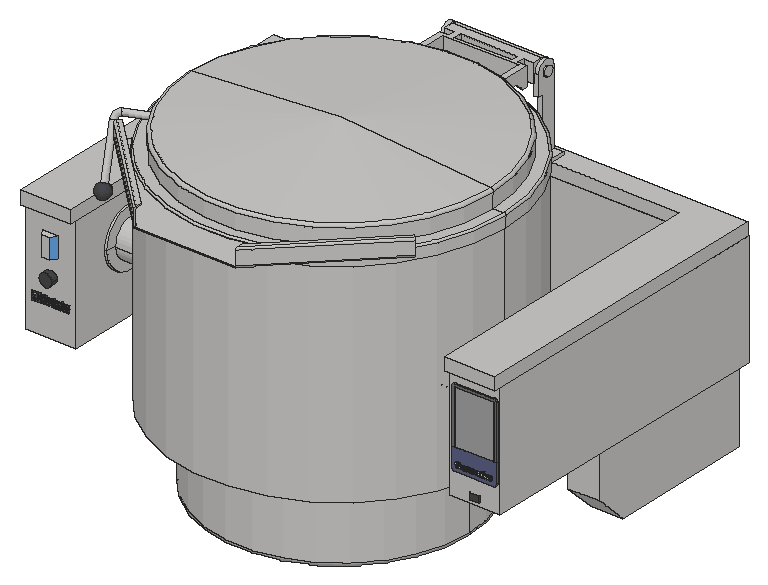
Revit family "QF_ELECTROLUXPROFESSIONAL_586884_PBOT40RWEO", category Attrezzature speciali, Revit 2020 (continued)
Definition of nested family "QF_ELECTROLUXPROFESSIONAL_PBOT1000H400_LEFT"
  Automatic sketch dimensions
    Extrusion 5 sketch curve to Extrusion 5 sketch curve = 0.147 mm
    Extrusion 5 sketch curve to Extrusion 5 sketch curve = 5.696 mm
    Extrusion 5 sketch curve to Extrusion 5 sketch curve = 0.943 mm
    Extrusion 5 sketch curve to Extrusion 5 sketch curve = 0.037 mm  (x2)
    Extrusion 5 sketch curve to plane 8 "TOP" = 305.009 mm
    Extrusion 5 sketch curve to Extrusion 5 sketch curve = 2.122 mm
    Extrusion 5 sketch curve to Extrusion 5 sketch curve = 2.372 mm
    Extrusion 5 sketch curve to Extrusion 5 sketch curve = 0.944 mm
    Extrusion 5 sketch curve to Extrusion 5 sketch curve = 1.799 mm
    Extrusion 5 sketch curve to Extrusion 5 sketch curve = 2.353 mm
    Extrusion 5 sketch curve to Extrusion 5 sketch curve = 6.509 mm
    Extrusion 5 sketch curve to Extrusion 5 sketch curve = 6.836 mm
    Extrusion 5 sketch curve to Extrusion 5 sketch curve = 2.068 mm
    Extrusion 5 sketch curve to Extrusion 5 sketch curve = 5.751 mm
    Extrusion 5 sketch curve to Extrusion 5 sketch curve = 0.679 mm
    Extrusion 5 sketch curve to Extrusion 5 sketch curve = 0.728 mm
    Extrusion 5 sketch curve to Extrusion 5 sketch curve = 0.178 mm
    Extrusion 5 sketch curve to Extrusion 5 sketch curve = 4.332 mm
    Extrusion 5 sketch curve to plane 8 "TOP" = 304.564 mm  (x2)
    Extrusion 5 sketch curve to Extrusion 5 sketch curve = 0.539 mm  (x2)
    Extrusion 5 sketch curve to Extrusion 5 sketch curve = 0.634 mm  (x2)
    Extrusion 5 sketch curve to Extrusion 5 sketch curve = 0.036 mm  (x2)
    Extrusion 5 sketch curve to Extrusion 5 sketch curve = 0.114 mm  (x2)
    Extrusion 5 sketch curve to Extrusion 5 sketch curve = 0.807 mm  (x2)
    Extrusion 5 sketch curve to Extrusion 5 sketch curve = 0.007 mm  (x2)
    Extrusion 5 sketch curve to Extrusion 5 sketch curve = 0.156 mm  (x2)
    Extrusion 5 sketch curve to Extrusion 5 sketch curve = 0.005 mm  (x2)
    Extrusion 5 sketch curve to Extrusion 5 sketch curve = 0.083 mm  (x2)
    Extrusion 5 sketch curve to Extrusion 5 sketch curve = 0.13 mm  (x4)
    Extrusion 5 sketch curve to Extrusion 5 sketch curve = 0.009 mm  (x2)
    Extrusion 5 sketch curve to Extrusion 5 sketch curve = 0.159 mm  (x2)
    Extrusion 5 sketch curve to Extrusion 5 sketch curve = 0.075 mm  (x2)
    Extrusion 5 sketch curve to Extrusion 5 sketch curve = 0.025 mm  (x2)
    Extrusion 5 sketch curve to Extrusion 5 sketch curve = 2.918 mm
    Extrusion 5 sketch curve to Extrusion 5 sketch curve = 2.789 mm
    Extrusion 5 sketch curve to plane 8 "TOP" = 306.37 mm  (x2)
    Extrusion 5 sketch curve to Extrusion 5 sketch curve = 0.908 mm  (x2)
    Extrusion 5 sketch curve to plane 8 "TOP" = 306.755 mm  (x2)
    Extrusion 5 sketch curve to Extrusion 5 sketch curve = 0.826 mm  (x2)
    Extrusion 5 sketch curve to Extrusion 5 sketch curve = 0.126 mm  (x3)
    Extrusion 5 sketch curve to Extrusion 5 sketch curve = 2.333 mm
    Extrusion 5 sketch curve to Extrusion 5 sketch curve = 1.257 mm  (x2)
    Extrusion 5 sketch curve to Extrusion 5 sketch curve = 2.771 mm
    Extrusion 5 sketch curve to Extrusion 5 sketch curve = 1.497 mm
    Extrusion 5 sketch curve to Extrusion 5 sketch curve = 1.979 mm
    Extrusion 5 sketch curve to Extrusion 5 sketch curve = 1.653 mm
    Extrusion 5 sketch curve to Extrusion 5 sketch curve = 0.085 mm
    Extrusion 5 sketch curve to Extrusion 5 sketch curve = 0.315 mm
    Extrusion 5 sketch curve to Extrusion 5 sketch curve = 3.811 mm
    Extrusion 5 sketch curve to Extrusion 5 sketch curve = 2.136 mm  (x2)
    Extrusion 5 sketch curve to Extrusion 5 sketch curve = 2.352 mm  (x2)
    Extrusion 5 sketch curve to plane 8 "TOP" = 289.122 mm
    Extrusion 5 sketch curve to Extrusion 5 sketch curve = 3.797 mm
    Extrusion 5 sketch curve to plane 8 "TOP" = 296.104 mm
    Extrusion 5 sketch curve to Extrusion 5 sketch curve = 1.528 mm
    Extrusion 5 sketch curve to plane 8 "TOP" = 290.598 mm
    Extrusion 5 sketch curve to Extrusion 5 sketch curve = 1.476 mm
    Extrusion 5 sketch curve to plane 8 "TOP" = 294.635 mm
    Extrusion 5 sketch curve to Extrusion 5 sketch curve = 1.469 mm
    Extrusion 5 sketch curve to Extrusion 5 sketch curve = 3.728 mm
    Extrusion 5 sketch curve to Extrusion 5 sketch curve = 0.046 mm
    Extrusion 5 sketch curve to Extrusion 5 sketch curve = 0.177 mm
    Extrusion 5 sketch curve to Extrusion 5 sketch curve = 0.947 mm
    Extrusion 5 sketch curve to Extrusion 5 sketch curve = 0.308 mm
    Extrusion 5 sketch curve to Extrusion 5 sketch curve = 0.091 mm
    Extrusion 5 sketch curve to Extrusion 5 sketch curve = 2.375 mm
    Extrusion 5 sketch curve to Extrusion 5 sketch curve = 0.94 mm
    Extrusion 5 sketch curve to Extrusion 5 sketch curve = 0.54 mm
    Extrusion 5 sketch curve to Extrusion 5 sketch curve = 0.102 mm
    Extrusion 5 sketch curve to Extrusion 5 sketch curve = 0.002 mm  (x4)
    Extrusion 5 sketch curve to Extrusion 5 sketch curve = 0.105 mm
    Extrusion 5 sketch curve to Extrusion 5 sketch curve = 0.097 mm
    Extrusion 5 sketch curve to Extrusion 5 sketch curve = 3.982 mm
    Extrusion 5 sketch curve to Extrusion 5 sketch curve = 0.17 mm
    Extrusion 5 sketch curve to Extrusion 5 sketch curve = 6.49 mm
    Extrusion 5 sketch curve to Extrusion 5 sketch curve = 1.777 mm
    Extrusion 5 sketch curve to plane 8 "TOP" = 296.072 mm
    Extrusion 5 sketch curve to Extrusion 5 sketch curve = 0.63 mm
    Extrusion 5 sketch curve to Extrusion 5 sketch curve = 1.001 mm
    Extrusion 5 sketch curve to plane 8 "TOP" = 294.678 mm
    Extrusion 5 sketch curve to Extrusion 5 sketch curve = 1.393 mm
    Extrusion 5 sketch curve to Extrusion 5 sketch curve = 2.363 mm
    Extrusion 5 sketch curve to Extrusion 5 sketch curve = 2.253 mm
    Extrusion 5 sketch curve to Extrusion 5 sketch curve = 0.014 mm  (x4)
    Extrusion 5 sketch curve to Extrusion 5 sketch curve = 0.172 mm
    Extrusion 5 sketch curve to Extrusion 5 sketch curve = 0.096 mm
    Extrusion 5 sketch curve to Extrusion 5 sketch curve = 0.164 mm
    Extrusion 5 sketch curve to Extrusion 5 sketch curve = 0.298 mm
    Extrusion 5 sketch curve to Extrusion 5 sketch curve = 0.247 mm
    Extrusion 5 sketch curve to Extrusion 5 sketch curve = 0.084 mm
    Extrusion 5 sketch curve to Extrusion 5 sketch curve = 6.484 mm
    Extrusion 5 sketch curve to Extrusion 5 sketch curve = 2.596 mm
    Extrusion 5 sketch curve to Extrusion 5 sketch curve = 0.059 mm  (x2)
    Extrusion 5 sketch curve to Extrusion 5 sketch curve = 3.889 mm
    Extrusion 5 sketch curve to plane 8 "TOP" = 307.979 mm
    Extrusion 5 sketch curve to Extrusion 5 sketch curve = 6.029 mm
    Extrusion 5 sketch curve to plane 8 "TOP" = 305.988 mm
    Extrusion 5 sketch curve to Extrusion 5 sketch curve = 0.929 mm
    Extrusion 5 sketch curve to Extrusion 5 sketch curve = 1.102 mm
    Extrusion 5 sketch curve to Extrusion 5 sketch curve = 0.756 mm  (x2)
    Extrusion 5 sketch curve to plane 8 "TOP" = 306.353 mm
    Extrusion 5 sketch curve to Extrusion 5 sketch curve = 0.852 mm
    Extrusion 5 sketch curve to Extrusion 5 sketch curve = 0.108 mm
    Extrusion 5 sketch curve to Extrusion 5 sketch curve = 0.101 mm
    Extrusion 5 sketch curve to Extrusion 5 sketch curve = 0.072 mm
    Extrusion 5 sketch curve to Extrusion 5 sketch curve = 1.67 mm
    Extrusion 5 sketch curve to Extrusion 5 sketch curve = 1.834 mm
    Extrusion 5 sketch curve to Extrusion 5 sketch curve = 0.366 mm
    Extrusion 5 sketch curve to Extrusion 5 sketch curve = 0.993 mm
    Extrusion 5 sketch curve to Extrusion 5 sketch curve = 0.81 mm
    Extrusion 5 sketch curve to Extrusion 5 sketch curve = 1.026 mm  (x2)
    Extrusion 5 sketch curve to Extrusion 5 sketch curve = 4.272 mm
    Extrusion 5 sketch curve to Extrusion 5 sketch curve = 0.163 mm
    Extrusion 5 sketch curve to Extrusion 5 sketch curve = 0.551 mm
    Extrusion 5 sketch curve to Extrusion 5 sketch curve = 6.11 mm
    Extrusion 5 sketch curve to Extrusion 5 sketch curve = 1.451 mm
    Extrusion 5 sketch curve to Extrusion 5 sketch curve = 5.217 mm
    Extrusion 5 sketch curve to Extrusion 5 sketch curve = 0.045 mm  (x2)
    Extrusion 5 sketch curve to Extrusion 5 sketch curve = 0.241 mm
    Extrusion 5 sketch curve to Extrusion 5 sketch curve = 0.039 mm
    Extrusion 5 sketch curve to Extrusion 5 sketch curve = 1.134 mm
    Extrusion 5 sketch curve to Extrusion 5 sketch curve = 2.351 mm
    Extrusion 5 sketch curve to Extrusion 5 sketch curve = 3.993 mm
    Extrusion 5 sketch curve to Extrusion 5 sketch curve = 10.128 mm
    Extrusion 5 sketch curve to Extrusion 5 sketch curve = 0.956 mm
    Extrusion 5 sketch curve to Extrusion 5 sketch curve = 1.263 mm
    Extrusion 5 sketch curve to Extrusion 5 sketch curve = 2.577 mm
    Extrusion 5 sketch curve to Extrusion 5 sketch curve = 0.243 mm
    Extrusion 5 sketch curve to Extrusion 5 sketch curve = 0.031 mm
    Extrusion 5 sketch curve to Extrusion 5 sketch curve = 7.148 mm
    Extrusion 5 sketch curve to Extrusion 5 sketch curve = 1.502 mm
    Extrusion 5 sketch curve to Extrusion 5 sketch curve = 11.54 mm
    Extrusion 5 sketch curve to Extrusion 5 sketch curve = 11.758 mm
    Extrusion 5 sketch curve to Extrusion 5 sketch curve = 4.097 mm
    Extrusion 5 sketch curve to Extrusion 5 sketch curve = 0.011 mm
    Extrusion 5 sketch curve to Extrusion 5 sketch curve = 4.488 mm
    Extrusion 5 sketch curve to Extrusion 5 sketch curve = 11.908 mm
    Extrusion 5 sketch curve to Extrusion 5 sketch curve = 2.236 mm
    Extrusion 5 sketch curve to Extrusion 5 sketch curve = 0.22 mm
    Extrusion 5 sketch curve to Extrusion 5 sketch curve = 0.319 mm
    Extrusion 5 sketch curve to Extrusion 5 sketch curve = 1.192 mm
    Extrusion 5 sketch curve to Extrusion 5 sketch curve = 3.577 mm  (x2)
    Extrusion 5 sketch curve to Extrusion 5 sketch curve = 3.444 mm  (x2)
    Extrusion 5 sketch curve to Extrusion 5 sketch curve = 1.626 mm  (x2)
    Extrusion 5 sketch curve to Extrusion 5 sketch curve = 2.021 mm
    Extrusion 5 sketch curve to Extrusion 5 sketch curve = 2.967 mm
    Extrusion 5 sketch curve to Extrusion 5 sketch curve = 1.22 mm
    Extrusion 5 sketch curve to Extrusion 5 sketch curve = 3.412 mm
    Extrusion 5 sketch curve to Extrusion 5 sketch curve = 0.892 mm  (x3)
    Extrusion 5 sketch curve to Extrusion 5 sketch curve = 0.58 mm  (x2)
    Extrusion 5 sketch curve to Extrusion 5 sketch curve = 2.117 mm
    Extrusion 5 sketch curve to Extrusion 5 sketch curve = 0.295 mm  (x2)
    Extrusion 5 sketch curve to Extrusion 5 sketch curve = 0.618 mm
    Extrusion 5 sketch curve to Extrusion 5 sketch curve = 1.65 mm
    Extrusion 5 sketch curve to Extrusion 5 sketch curve = 1.662 mm
    Extrusion 5 sketch curve to Extrusion 5 sketch curve = 0.013 mm  (x2)
    Extrusion 5 sketch curve to Extrusion 5 sketch curve = 0.292 mm
    Extrusion 5 sketch curve to Extrusion 5 sketch curve = 0.107 mm  (x2)
    Extrusion 5 sketch curve to Extrusion 5 sketch curve = 0.068 mm  (x2)
    Extrusion 5 sketch curve to Extrusion 5 sketch curve = 2.361 mm
    Extrusion 5 sketch curve to Extrusion 5 sketch curve = 2.359 mm
    Extrusion 5 sketch curve to Extrusion 5 sketch curve = 0.531 mm  (x2)
    Extrusion 5 sketch curve to Extrusion 5 sketch curve = 0.928 mm  (x2)
    Extrusion 5 sketch curve to Extrusion 5 sketch curve = 1.058 mm
    Extrusion 5 sketch curve to Extrusion 5 sketch curve = 0.297 mm  (x2)
    Extrusion 5 sketch curve to Extrusion 5 sketch curve = 0.155 mm  (x2)
    Extrusion 5 sketch curve to Extrusion 5 sketch curve = 0.182 mm  (x2)
    Extrusion 5 sketch curve to Extrusion 5 sketch curve = 0.607 mm  (x2)
    Extrusion 5 sketch curve to Extrusion 5 sketch curve = 0.372 mm  (x2)
    Extrusion 5 sketch curve to Extrusion 5 sketch curve = 0.016 mm  (x2)
    Extrusion 5 sketch curve to Extrusion 5 sketch curve = 0.996 mm
    Extrusion 5 sketch curve to Extrusion 5 sketch curve = 0.93 mm
    Extrusion 5 sketch curve to Extrusion 5 sketch curve = 0.709 mm  (x2)
    Extrusion 5 sketch curve to Extrusion 5 sketch curve = 1.017 mm
    Extrusion 5 sketch curve to Extrusion 5 sketch curve = 4.718 mm
    Extrusion 5 sketch curve to Extrusion 5 sketch curve = 0.891 mm
    Extrusion 5 sketch curve to Extrusion 5 sketch curve = 3.826 mm
    Extrusion 5 sketch curve to Extrusion 5 sketch curve = 0.954 mm
    Extrusion 5 sketch curve to Extrusion 5 sketch curve = 5.576 mm
    Extrusion 5 sketch curve to Extrusion 5 sketch curve = 5.661 mm  (x2)
    Extrusion 5 sketch curve to Extrusion 5 sketch curve = 0.006 mm
    Extrusion 5 sketch curve to Extrusion 5 sketch curve = 2.203 mm
    Extrusion 5 sketch curve to Extrusion 5 sketch curve = 2.21 mm
    Extrusion 5 sketch curve to Extrusion 5 sketch curve = 1.607 mm
    Extrusion 5 sketch curve to Extrusion 5 sketch curve = 3.92 mm
    Extrusion 5 sketch curve to Extrusion 5 sketch curve = 0.05 mm
    Extrusion 5 sketch curve to Extrusion 5 sketch curve = 1.776 mm
    Extrusion 5 sketch curve to Extrusion 5 sketch curve = 4.017 mm
    Extrusion 5 sketch curve to Extrusion 5 sketch curve = 0.196 mm  (x2)
    Extrusion 5 sketch curve to Extrusion 5 sketch curve = 0.19 mm
    Extrusion 5 sketch curve to Extrusion 5 sketch curve = 1.312 mm
    Extrusion 5 sketch curve to Extrusion 5 sketch curve = 0.146 mm
    Extrusion 5 sketch curve to Extrusion 5 sketch curve = 2.831 mm
    Extrusion 5 sketch curve to Extrusion 5 sketch curve = 0.387 mm
    Extrusion 5 sketch curve to Extrusion 5 sketch curve = 0.174 mm
    Extrusion 5 sketch curve to Extrusion 5 sketch curve = 4.623 mm
    Extrusion 5 sketch curve to Extrusion 5 sketch curve = 1.754 mm
    Extrusion 5 sketch curve to Extrusion 5 sketch curve = 0.188 mm
    Extrusion 5 sketch curve to Extrusion 5 sketch curve = 0.02 mm
    Extrusion 5 sketch curve to Extrusion 5 sketch curve = 0.313 mm
    Extrusion 5 sketch curve to Extrusion 5 sketch curve = 0.12 mm
    Extrusion 5 sketch curve to Extrusion 5 sketch curve = 0.062 mm
    Extrusion 5 sketch curve to Extrusion 5 sketch curve = 0.568 mm
    Extrusion 5 sketch curve to Extrusion 5 sketch curve = 0.095 mm
    Extrusion 5 sketch curve to Extrusion 5 sketch curve = 0.357 mm
    Extrusion 5 sketch curve to Extrusion 5 sketch curve = 0.008 mm
    Extrusion 5 sketch curve to Extrusion 5 sketch curve = 0.36 mm
    Extrusion 5 sketch curve to Extrusion 5 sketch curve = 3.784 mm
    Extrusion 5 sketch curve to Extrusion 5 sketch curve = 1.654 mm
    Extrusion 5 sketch curve to Extrusion 5 sketch curve = 1.454 mm
    Extrusion 5 sketch curve to Extrusion 5 sketch curve = 3.429 mm
    Extrusion 5 sketch curve to Extrusion 5 sketch curve = 1.094 mm
    Extrusion 5 sketch curve to Extrusion 5 sketch curve = 2.218 mm
    Extrusion 5 sketch curve to Extrusion 5 sketch curve = 1.404 mm
    Extrusion 5 sketch curve to Extrusion 5 sketch curve = 5.959 mm
    Extrusion 5 sketch curve to Extrusion 5 sketch curve = 1.424 mm
    Extrusion 5 sketch curve to Extrusion 5 sketch curve = 3.23 mm
    Extrusion 5 sketch curve to Extrusion 5 sketch curve = 1.975 mm
    Extrusion 5 sketch curve to Extrusion 5 sketch curve = 3.779 mm
    Extrusion 5 sketch curve to Extrusion 5 sketch curve = 2.212 mm
    Extrusion 5 sketch curve to Extrusion 5 sketch curve = 3.78 mm
    Extrusion 5 sketch curve to Extrusion 5 sketch curve = 1.279 mm
    Extrusion 5 sketch curve to Extrusion 5 sketch curve = 1.343 mm  (x2)
    Extrusion 5 sketch curve to Extrusion 5 sketch curve = 1.353 mm  (x2)
    Extrusion 5 sketch curve to Extrusion 5 sketch curve = 0.027 mm  (x2)
    Extrusion 5 sketch curve to Extrusion 5 sketch curve = 0.395 mm  (x2)
    Extrusion 5 sketch curve to Extrusion 5 sketch curve = 0.329 mm  (x2)
    Extrusion 5 sketch curve to Extrusion 5 sketch curve = 0.425 mm  (x2)
    Extrusion 5 sketch curve to Extrusion 5 sketch curve = 0.051 mm  (x2)
    Extrusion 5 sketch curve to Extrusion 5 sketch curve = 0.495 mm  (x2)
    Extrusion 5 sketch curve to Extrusion 5 sketch curve = 0.267 mm  (x2)
    Extrusion 5 sketch curve to Extrusion 5 sketch curve = 1.4 mm
    Extrusion 5 sketch curve to Extrusion 5 sketch curve = 5.233 mm
    Extrusion 5 sketch curve to Extrusion 5 sketch curve = 2.062 mm
    Extrusion 7 sketch curve to plane 1 "Center (Front/Back)" = 40.0 mm
    Extrusion 7 sketch curve to Extrusion 7 sketch curve = 90.0 mm
    Extrusion 6 sketch curve to plane 11 "HW_CW" = 0.0 mm  (x2)
    Extrusion 6 sketch curve to plane 13 = 0.0 mm
    Extrusion 6 sketch curve to plane 12 = 0.0 mm
    Extrusion 3 sketch curve to plane 14 = 105.0 mm
    plane 17 to Extrusion 8 sketch curve = 0.0 mm  (x2)
    Extrusion 8 sketch curve to plane 19 = 0.0 mm
    Extrusion 8 sketch curve to plane 18 = 0.0 mm
    radius of Extrusion 2 sketch curve = 20.0 mm
    radius of Extrusion 3 sketch curve = 6.35 mm  (x2)
    radius of Extrusion 5 sketch curve = 2.453 mm
    radius of Extrusion 5 sketch curve = 1.557 mm
    radius of Extrusion 5 sketch curve = 1.468 mm
    radius of Extrusion 5 sketch curve = 2.451 mm
    radius of Extrusion 6 sketch curve = 5.0 mm  (x2)
    radius of Extrusion 8 sketch curve = 5.0 mm  (x2)
Definition of nested family "QF_ELECTROLUXPROFESSIONAL_PBOT1000H400_RIGHT"
  Parameters
    Width = 160.0 mm
    Right = Width / 2  # 80.0 mm
    Default Elevation = 0.0 mm
    Left = -Width / 2  # -80.0 mm
    Htop = 40.0 mm
    Height = 900.0 mm
    HBase = 200.0 mm
    EI_z = 450.0 mm
    EI_y = 239.0 mm
    Depth = 1000.0 mm
    BorderFront = 20.0 mm
    Body Finish [instance] = none
  Reference planes
    plane 1 "Center (Front/Back)": y = 0
    plane 2: z = 0
    plane 3 "Center (Left/Right)": x = 0
    plane 4 "LEFT": x = -80
    plane 5 "RIGHT": x = 80
    plane 6 "BACK": y = 500
    plane 7 "FRONT": y = -500
    plane 8 "Base": z = 250
    plane 9 "TOP": z = 900
    plane 10 "BorderFront": y = -480
    plane 11: z = 860
    plane 12 "EI": z = 450
    plane 13: y = 261
    plane 14: z = 500
    plane 15: y = -50
    plane 16: z = 800
    plane 17: z = 525
    plane 18: x = -30
  Forms (mm)
    Extrusion 1, solid
      sketch origin (0, 0, 0) x (1, 0, 0) y (0, 1, 0)
        loop
          line (-80, 500) -> (-80, -480) -> (80, -480) -> (80, 500) -> (-80, 500)
      from 860 to 500
    Extrusion 2, solid
      sketch origin (0, -480, 0) x (-1, 0, 0) y (0, 0, 1)
        loop
          line (59.714, 823.989) -> (-61.821, 823.989)
          arc (-61.821, 823.989) -> (-68.892, 821.06) -> (-71.821, 813.989) r 10
          line (-71.821, 813.989) -> (-71.821, 644.744) -> (-61.821, 644.744) -> (-61.821, 813.989) -> (59.714, 813.989) -> (59.714, 644.744) -> (69.714, 644.744) -> (69.714, 813.989)
          arc (69.714, 813.989) -> (66.786, 821.06) -> (59.714, 823.989) r 10
      from 0 to -3
    Extrusion 3, solid
      sketch origin (0, -480, 0) x (-1, 0, 0) y (0, 0, 1)
        loop
          line (69.714, 585) -> (69.714, 644.744) -> (-71.821, 644.744) -> (-71.821, 585)
          arc (-71.821, 585) -> (-68.892, 577.929) -> (-61.821, 575) r 10
          line (-61.821, 575) -> (59.714, 575)
          arc (59.714, 575) -> (66.786, 577.929) -> (69.714, 585) r 10
      from -3 to 0
    Extrusion 4, solid
      sketch origin (234.714, -480, 0) x (-1, 0, 0) y (0, 0, 1)
        loop
          line (294.429, 813.989) -> (172.894, 813.989) -> (172.894, 644.744) -> (294.429, 644.744) -> (294.429, 813.989)
      from 0 to -3
    Extrusion 5, solid
      sketch origin (0, -480, 0) x (-1, 0, 0) y (0, 0, 1)
        loop
          line (15, 530) -> (-15, 530) -> (-15, 510) -> (15, 510) -> (15, 530)
      from -1.6 to 0
    Extrusion 6, solid
      sketch origin (0, 500, 0) x (-1, 0, 0) y (0, 0, 1)
        loop
          circle (0, 450) r 5
      from 0 to 2
    Extrusion 7, solid
      sketch origin (0, 0, 250) x (0, 1, 0) y (-1, 0, 0)
        loop
          circle (261, 0) r 10
      from 0 to -3
    Extrusion 8, solid
      sketch origin (0, 0, 0) x (0, 1, 0) y (0, 0, 1)
        loop
          line (500, 500) -> (-50, 500) -> (-50, 340) -> (40, 250) -> (500, 250) -> (500, 500)
      from -50 to 50
    Extrusion 9, void
      sketch origin (0, 500, 0) x (-1, 0, 0) y (0, 0, 1)
        loop
          circle (30, 800) r 5
        loop
          circle (30, 525) r 5
      from 0 to -5
  Cuts and joins
    Extrusion 9 cuts Extrusion 1
  Lines and regions (mm)
    symbolic lines
      curve 1: line (-80, 500, 0) -> (80, 500, 0)
      curve 2: line (80, 500, 0) -> (80, -480, 0)
  Dimensions and locks
    "Width": plane 4 "LEFT" to plane 5 "RIGHT"
    equal spacing: plane 4 "LEFT", plane 3 "Center (Left/Right)", plane 5 "RIGHT"
    equal spacing: plane 6 "BACK", plane 1 "Center (Front/Back)", plane 7 "FRONT"
    "Depth": plane 6 "BACK" to plane 7 "FRONT"
    "BorderFront": plane 10 "BorderFront" to plane 7 "FRONT"
    "Htop": plane 9 "TOP" to plane 11
    "Height": plane 9 "TOP" to level
    "EI_y": plane 6 "BACK" to plane 13
    locked: plane 11 to plane 14 at 360
    plane 14 to plane 8 "Base" = 250.0 mm
    plane 6 "BACK" to plane 15 = 550.0 mm
    "EI_z": plane 12 "EI" to level
    plane 11 to level = 860.0 mm
    plane 17 to plane 16 to plane 11 = 275.0 mm, 60.0 mm
    plane 5 "RIGHT" to plane 18 = 110.0 mm
    aligned and locked: level to plane 2
    aligned and locked: plane 10 "BorderFront" to Extrusion 1 sketch curve
    aligned and locked: plane 11 to Extrusion 1
    aligned and locked: plane 4 "LEFT" to Extrusion 1 sketch curve
    aligned and locked: Extrusion 1 sketch curve to plane 5 "RIGHT"
    aligned and locked: Extrusion 1 sketch curve to plane 6 "BACK"
    aligned and locked: Extrusion 1 to plane 14
    aligned and locked: plane 6 "BACK" to Extrusion 8 sketch curve
    aligned and locked: plane 14 to Extrusion 8 sketch curve
    aligned and locked: Extrusion 8 sketch curve to plane 8 "Base"
    aligned and locked: plane 15 to Extrusion 8 sketch curve
  Automatic sketch dimensions
    Extrusion 2 sketch curve to plane 5 "RIGHT" = 8.179 mm
    Extrusion 2 sketch curve to Extrusion 2 sketch curve = 10.0 mm  (x2)
    Extrusion 2 sketch curve to Extrusion 2 sketch curve = 0.0 mm  (x4)
    plane 4 "LEFT" to Extrusion 2 sketch curve = 20.286 mm
    Extrusion 2 sketch curve to plane 11 = 215.256 mm
    Extrusion 2 sketch curve to plane 11 = 46.011 mm
    Extrusion 3 sketch curve to plane 5 "RIGHT" = 8.179 mm
    plane 4 "LEFT" to Extrusion 3 sketch curve = 20.286 mm
    plane 4 "LEFT" to Extrusion 3 sketch curve = 10.286 mm
    Extrusion 3 sketch curve to plane 11 = 285.0 mm
    Extrusion 3 sketch curve to Extrusion 3 sketch curve = 59.744 mm
    Extrusion 3 sketch curve to Extrusion 3 sketch curve = 10.0 mm
    plane 4 "LEFT" to Extrusion 4 sketch curve = 20.286 mm
    Extrusion 4 sketch curve to plane 11 = 46.011 mm
    Extrusion 4 sketch curve to plane 5 "RIGHT" = 18.179 mm
    Extrusion 4 sketch curve to Extrusion 4 sketch curve = 169.244 mm
    Extrusion 6 sketch curve to plane 3 "Center (Left/Right)" = 0.0 mm
    Extrusion 6 sketch curve to plane 12 "EI" = 0.0 mm
    curve 1 to plane 4 "LEFT" = 0.0 mm
    curve 1 to plane 5 "RIGHT" = 0.0 mm
    curve 2 to plane 10 "BorderFront" = 0.0 mm
    curve 1 to plane 6 "BACK" = 0.0 mm
    plane 3 "Center (Left/Right)" to Extrusion 5 sketch curve = 15.0 mm
    Extrusion 5 sketch curve to plane 3 "Center (Left/Right)" = 15.0 mm
    plane 12 "EI" to Extrusion 5 sketch curve = 60.0 mm
    Extrusion 5 sketch curve to Extrusion 5 sketch curve = 20.0 mm
    Extrusion 7 sketch curve to plane 3 "Center (Left/Right)" = 0.0 mm
    Extrusion 7 sketch curve to plane 13 = 0.0 mm
    Extrusion 8 sketch curve to plane 1 "Center (Front/Back)" = 40.0 mm
    plane 8 "Base" to Extrusion 8 sketch curve = 90.0 mm
    Extrusion 9 sketch curve to plane 17 = 0.0 mm
    plane 18 to Extrusion 9 sketch curve = 0.0 mm  (x2)
    Extrusion 9 sketch curve to plane 16 = 0.0 mm
    radius of Extrusion 6 sketch curve = 5.0 mm
    radius of Extrusion 7 sketch curve = 10.0 mm
    radius of Extrusion 9 sketch curve = 5.0 mm  (x2)
  Nested families
    nested 1: "ELX_ThermaLine" at (-0.906, -483, 593.675) x (1, 0, 0) z (0, -1, 0), type "ELX_ThermaLine"
      with Show Logo yes, Material_Logo none
  Definition of nested family "ELX_ThermaLine"
    Parameters
      Show Logo [instance] = yes
      Material_Logo [instance] = none
      Default Elevation = 0.0 mm
    Reference planes
      plane 1 "Centro (Fronte/Retro)": y = 0
      plane 2: z = 0
      plane 3 "Centro (Sinistra/Destra)": x = 0
    Forms (mm)
      Extrusion 1, solid
        sketch origin (0, 0, 0) x (1, 0, 0) y (0, 1, 0)
          loop
            line (-1219.2, 1219.2) -> (-1219.2, -1219.2) -> (1219.2, -1219.2) -> (1219.2, 1219.2) -> (-1219.2, 1219.2)
        from 0 to -304.8
      Extrusion 2, solid
        sketch origin (0, 0, 0) x (1, 0, 0) y (0, 1, 0)
          loop
            line (-52.84, 4.345) -> (-50.793, 4.345) -> (-50.793, 6.716) -> (-52.84, 6.716) -> (-52.84, 10.788) -> (-55.901, 9.058) -> (-55.901, 6.716) -> (-57.324, 6.716) -> (-57.324, 4.345) -> (-55.901, 4.345) -> (-55.901, -1.637)
            arc (-55.901, -1.637) -> (-54.76, -4.355) -> (-51.88, -4.985) r 3.198
            line (-51.88, -4.985) -> (-50.444, -4.597) -> (-50.782, -2.189) -> (-51.765, -2.453)
            arc (-51.765, -2.453) -> (-52.506, -2.305) -> (-52.84, -1.628) r 0.854
            line (-52.84, -1.628) -> (-52.84, 4.345)
          loop
            line (-48.642, 11.198) -> (-48.642, -4.787) -> (-45.561, -4.787) -> (-45.561, 2.659)
            arc (-45.561, 2.659) -> (-44.379, 4.372) -> (-42.304, 4.523) r 2.408
            arc (-42.304, 4.523) -> (-41.484, 3.75) -> (-41.182, 2.665) r 2.099
            line (-41.182, 2.665) -> (-41.182, -4.787) -> (-38.117, -4.787) -> (-38.088, 2.166)
            arc (-38.088, 2.166) -> (-38.343, 3.963) -> (-39.021, 5.646) r 7.517
            arc (-39.021, 5.646) -> (-42.369, 6.971) -> (-45.561, 5.303) r 4.327
            line (-45.561, 5.303) -> (-45.561, 11.198) -> (-48.642, 11.198)
          loop
            arc (-28.196, 1.988) -> (-28.834, 3.893) -> (-30.683, 4.679) r 2.449
            arc (-30.683, 4.679) -> (-32.149, 3.674) -> (-32.711, 1.988) r 2.793
            line (-32.711, 1.988) -> (-28.196, 1.988)
          loop
            arc (-25.128, 0.121) -> (-26.074, 4.342) -> (-29.545, 6.923) r 6.212
            arc (-29.545, 6.923) -> (-33.021, 6.358) -> (-35.352, 3.718) r 5.232
            arc (-35.352, 3.718) -> (-35.918, 1.148) -> (-35.633, -1.468) r 8.117
            arc (-35.633, -1.468) -> (-34.524, -3.319) -> (-32.789, -4.603) r 5.523
            arc (-32.789, -4.603) -> (-28.402, -4.744) -> (-25.297, -1.641) r 5.523
            line (-25.297, -1.641) -> (-28.327, -1.106)
            arc (-28.327, -1.106) -> (-29.324, -2.396) -> (-30.951, -2.501) r 1.982
            arc (-30.951, -2.501) -> (-32.276, -1.475) -> (-32.789, 0.121) r 2.835
            line (-32.789, 0.121) -> (-25.128, 0.121)
          loop
            line (-22.733, -4.787) -> (-19.705, -4.787) -> (-19.705, 0)
            arc (-19.705, 0) -> (-19.663, 1.267) -> (-19.469, 2.521) r 10.557
            arc (-19.469, 2.521) -> (-18.189, 4.014) -> (-16.237, 3.761) r 2.069
            line (-16.237, 3.761) -> (-15.318, 6.433)
            arc (-15.318, 6.433) -> (-17.915, 6.783) -> (-19.931, 5.11) r 3.262
            line (-19.931, 5.11) -> (-19.931, 6.752) -> (-22.733, 6.752) -> (-22.733, -4.787)
          loop
            line (-14.233, 6.752) -> (-14.233, -4.787) -> (-11.135, -4.787) -> (-11.135, 1.783)
            arc (-11.135, 1.783) -> (-10.552, 3.635) -> (-8.862, 4.59) r 2.646
            arc (-8.862, 4.59) -> (-7.677, 3.931) -> (-7.234, 2.65) r 1.899
            line (-7.234, 2.65) -> (-7.234, -4.787) -> (-4.155, -4.787) -> (-4.155, 1.467)
            arc (-4.155, 1.467) -> (-3.845, 2.923) -> (-2.97, 4.128) r 3.581
            arc (-2.97, 4.128) -> (-1.581, 4.474) -> (-0.516, 3.516) r 1.525
            arc (-0.516, 3.516) -> (-0.324, 2.735) -> (-0.304, 1.931) r 3.735
            line (-0.304, 1.931) -> (-0.304, -4.787) -> (2.776, -4.787) -> (2.776, 3.096)
            arc (2.776, 3.096) -> (1.833, 5.68) -> (-0.612, 6.942) r 3.784
            arc (-0.612, 6.942) -> (-2.795, 6.596) -> (-4.513, 5.205) r 4.271
            arc (-4.513, 5.205) -> (-5.893, 6.457) -> (-7.686, 6.964) r 4.079
            arc (-7.686, 6.964) -> (-9.75, 6.555) -> (-11.39, 5.237) r 4.412
            line (-11.39, 5.237) -> (-11.39, 6.752) -> (-14.233, 6.752)
          loop
            line (5.334, 3.712) -> (8.069, 3.23)
            arc (8.069, 3.23) -> (10.312, 4.685) -> (12.137, 2.73) r 2.082
            line (12.137, 2.73) -> (8.171, 1.741)
            arc (8.171, 1.741) -> (6.593, 1.022) -> (5.378, -0.215) r 4.758
            arc (5.378, -0.215) -> (5.225, -1.991) -> (5.744, -3.697) r 4.711
            arc (5.744, -3.697) -> (7.301, -4.682) -> (9.118, -4.992) r 4.691
            arc (9.118, -4.992) -> (10.903, -4.593) -> (12.411, -3.558) r 4.818
            line (12.411, -3.558) -> (12.81, -4.787) -> (15.873, -4.787) -> (15.179, -2.652) -> (15.179, 3.25)
            arc (15.179, 3.25) -> (14.773, 5.146) -> (13.38, 6.496) r 3.336
            arc (13.38, 6.496) -> (10.765, 7.201) -> (8.091, 6.773) r 6.459
            arc (8.091, 6.773) -> (6.348, 5.57) -> (5.334, 3.712) r 4.569
          loop
            line (21.001, -4.787) -> (24.24, -4.787) -> (27.623, 11.127) -> (24.384, 11.127) -> (21.001, -4.787)
          loop
            line (27.273, -4.787) -> (30.332, -4.787) -> (32.777, 6.716) -> (29.718, 6.716) -> (27.273, -4.787)
          loop
            line (30.656, 11.127) -> (30.058, 8.314) -> (33.117, 8.314) -> (33.715, 11.127) -> (30.656, 11.127)
          loop
            line (33.431, -4.787) -> (36.649, -4.787) -> (38.261, 2.796)
            arc (38.261, 2.796) -> (39.644, 4.445) -> (41.791, 4.594) r 2.751
            arc (41.791, 4.594) -> (42.425, 3.729) -> (42.502, 2.659) r 1.936
            line (42.502, 2.659) -> (40.919, -4.787) -> (43.989, -4.787) -> (45.795, 3.712)
            arc (45.795, 3.712) -> (45.588, 5.458) -> (44.361, 6.716) r 2.734
            arc (44.361, 6.716) -> (41.222, 6.857) -> (38.516, 5.259) r 5.512
            line (38.516, 5.259) -> (38.826, 6.716) -> (35.876, 6.716) -> (33.431, -4.787)
          loop
            line (50.773, 1.934) -> (55.672, 1.934)
            arc (55.672, 1.934) -> (55.737, 2.919) -> (55.334, 3.821) r 2.051
            arc (55.334, 3.821) -> (53.773, 4.722) -> (52.024, 4.287) r 2.407
            arc (52.024, 4.287) -> (51.223, 3.203) -> (50.773, 1.934) r 4.566
          loop
            line (50.479, 0) -> (58.259, 0)
            arc (58.259, 0) -> (58.241, 3.53) -> (56.181, 6.396) r 5.8
            arc (56.181, 6.396) -> (52.577, 6.992) -> (49.395, 5.199) r 5.498
            arc (49.395, 5.199) -> (47.819, 2.372) -> (47.536, -0.853) r 7.747
            arc (47.536, -0.853) -> (48.406, -3.006) -> (50.236, -4.437) r 4.494
            arc (50.236, -4.437) -> (52.672, -4.934) -> (55.109, -4.437) r 6.224
            arc (55.109, -4.437) -> (56.76, -3.346) -> (57.916, -1.739) r 5.478
            line (57.916, -1.739) -> (55.129, -1.247)
            arc (55.129, -1.247) -> (53.897, -2.495) -> (52.149, -2.637) r 2.52
            arc (52.149, -2.637) -> (50.809, -1.638) -> (50.479, 0) r 2.336
          loop
            line (12.154, 0.755) -> (8.732, -0.098)
            arc (8.732, -0.098) -> (8.126, -1.288) -> (8.732, -2.478) r 1.471
            arc (8.732, -2.478) -> (10.437, -2.725) -> (11.827, -1.706) r 2.276
            arc (11.827, -1.706) -> (12.142, -0.496) -> (12.154, 0.755) r 5.123
        from 0 to 1.6
    Dimensions and locks
      aligned and locked: plane 2 to Extrusion 1
      aligned and locked: level to Extrusion 1
Definition of nested family "QF_ELECTROLUXPROFESSIONAL_PBOT1000_LEVEL1"
  Parameters
    Default Elevation = 0.0 mm
    Assembly Code = ""
  Reference planes
    plane 1 "Center (Front/Back)": y = 0
    plane 2: z = 0
    plane 3 "Center (Left/Right)": x = 0
  Forms (mm)
    Sweep 1, solid
      path origin (0, 0, 0) x (1, 0, 0) y (0, 0.5, 0.866025)
        loop
          line (60, 0) -> (-80, 0)
          arc (-80, 0) -> (-94.142, -5.858) -> (-100, -20) r 20
          line (-100, -20) -> (-100, -200)
      profile origin (-10, 0, 0) x (0, -0.5, -0.866025) y (0, -0.866025, 0.5)
        loop
          circle (0, 0) r 9
    Revolve 2, solid
      sketch origin (-20, 0, 0) x (1, 0, 0) y (0, 0.5, 0.866025)
        loop
          arc (-57.5, -200) -> (-80, -177.5) -> (-102.5, -200) r 22.5
          line (-102.5, -200) -> (-57.5, -200)
        axis (-102.5, -200) -> (-57.5, -200)
      angle from 0 to 360
  Lines and regions (mm)
    symbolic lines
      curve 1: line (0, -9, 0) -> (-80, -9, 0)
      curve 2: line (0, 9, 0) -> (-80, 9, 0)
      curve 3: line (-91, -80, 0) -> (-91, -15, 0)
      curve 4: line (-109, -80, 0) -> (-109, -10, 0)
      curve 5: arc (-109, -10, 0) -> (-97.335, 3.827, 0) -> (-80, 9, 0) r 31.632
      curve 6: arc (-91, -15, 0) -> (-86.265, -10.598, 0) -> (-80, -9, 0) r 13.083
      curve 7: spline (-77.953, -100, 0) -> (-78.704, -94.175, 0) -> (-80.907, -88.747, 0) -> (-84.41, -84.087, 0) -> (-88.977, -80.51, 0) -> (-94.294, -78.262, 0) -> (-100, -77.495, 0) -> (-105.706, -78.262, 0) -> (-111.023, -80.51, 0) -> (-115.59, -84.087, 0) -> (-119.093, -88.747, 0) -> (-121.296, -94.175, 0) -> (-122.047, -100, 0) -> (-121.296, -105.825, 0) -> (-119.093, -111.253, 0) -> (-115.59, -115.913, 0) -> (-111.023, -119.49, 0) -> (-105.706, -121.738, 0) -> (-100, -122.505, 0) -> (-94.294, -121.738, 0) -> (-88.977, -119.49, 0) -> (-84.41, -115.913, 0) -> (-80.907, -111.253, 0) -> (-78.704, -105.825, 0) -> (-77.953, -100, 0)
  Dimensions and locks
    aligned and locked: level to plane 2
